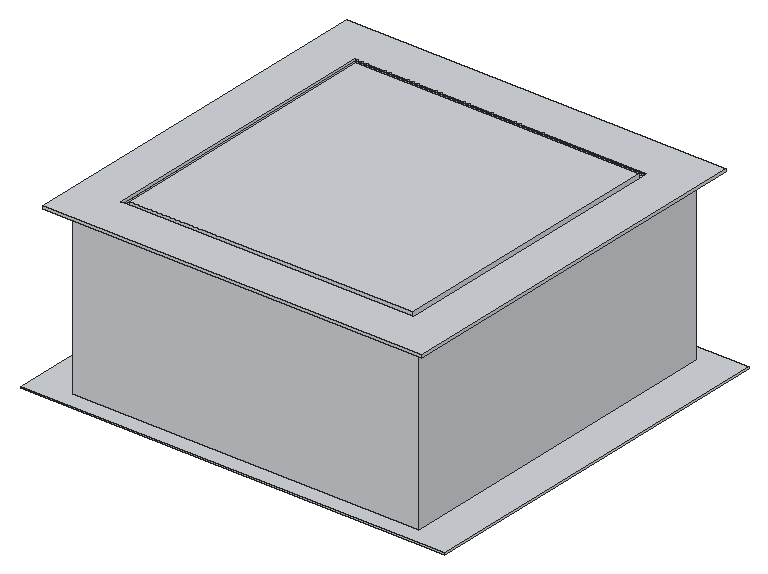
Revit family "Unterflurdose UZD250-3_165-220 mm", category Generic Models, Revit 2015
Parameters (values of type "UZD 165220 250-3")
  Width = 200 mm
  URL = "http://www.obo-bettermann.com"
  Size "a" = 262 mm
  Material = Steel, Galvanized
  Manufacturer Art. No. = "7410052"
  Manufacturer = "OBO Bettermann"
  HeightCalc = if(Height < 165 mm, 165 mm, (if(Height > 220 mm, 220 mm, Height)))  # 165 mm
  Height = 70 mm
  GTIN = "4012195431688"
  Article Type = "UZD 165220 250-3"
  "B" Dimension = 410 mm
  "A" Dimension = 367 mm
Reference planes
  plane 1 "Center (Front/Back)": y = 0
  plane 2: z = 0
  plane 3 "Center (Left/Right)": x = 0
  plane 4: z = 1
  plane 5: x = -205
  plane 6: y = -183.5
  plane 7: x = 205
  plane 8: y = 183.5
  plane 9: y = -167
  plane 10: x = 167
  plane 11: y = 167
  plane 12: x = -167
  plane 13: z = 163
  plane 14: z = 165
  plane 15: x = -183.5
  plane 16: x = 183.5
  plane 17: y = 141.5
  plane 18: x = 141.5
  plane 19: x = -141.5
  plane 20: y = -141.5
  plane 21: z = 161
  plane 22: y = 131
  plane 23: y = -131
  plane 24: x = 131
  plane 25: x = -131
  plane 26: y = -136.5
  plane 27: x = 136.5
  plane 28: y = 136.5
  plane 29: x = -136.5
Forms (mm)
  Extrusion 1, solid
    sketch origin (0, 0, 0) x (1, 0, 0) y (0, 1, 0)
      loop
        line (205, 183.5) -> (-205, 183.5) -> (-205, -183.5) -> (205, -183.5) -> (205, 183.5)
    from 0 to 1
  Extrusion 2, solid
    sketch origin (0, 0, 0) x (1, 0, 0) y (0, 1, 0)
      loop
        line (-167, 167) -> (-167, -167) -> (167, -167) -> (167, 167) -> (-167, 167)
    from 1 to 163
  Extrusion 3, solid
    sketch origin (0, 0, 0) x (1, 0, 0) y (0, 1, 0)
      loop
        line (-183.5, 183.5) -> (-183.5, -183.5) -> (183.5, -183.5) -> (183.5, 183.5) -> (-183.5, 183.5)
    from 163 to 165
  Extrusion 4, void
    sketch origin (0, 0, 0) x (1, 0, 0) y (0, 1, 0)
      loop
        line (-141.5, 141.5) -> (-141.5, -141.5) -> (141.5, -141.5) -> (141.5, 141.5) -> (-141.5, 141.5)
    from 161 to 165
  Extrusion 5, void
    sketch origin (0, 0, 0) x (1, 0, 0) y (0, 1, 0)
      loop
        line (-131, 131) -> (-131, -131) -> (131, -131) -> (131, 131) -> (-131, 131)
    from 1 to 161
  Extrusion 6, solid
    sketch origin (0, 0, 0) x (1, 0, 0) y (0, 1, 0)
      loop
        line (-136.5, 136.5) -> (-136.5, -136.5) -> (136.5, -136.5) -> (136.5, 136.5) -> (-136.5, 136.5)
    from 161 to 165
Cuts and joins
  Extrusion 4, Extrusion 5 cuts Extrusion 1
  Extrusion 4, Extrusion 5 cuts Extrusion 2
  Extrusion 4 cuts Extrusion 3
Lines and regions (mm)
  model lines
    curve 1: line (205, 183.5, 0) -> (-205, 183.5, 0)
    curve 2: line (205, 183.5, 0) -> (205, -183.5, 0)
    curve 3: line (205, -183.5, 0) -> (-205, -183.5, 0)
    curve 4: line (-205, -183.5, 0) -> (-205, 183.5, 0)
    curve 5: line (-167, 167, 0) -> (167, 167, 0)
    curve 6: line (167, 167, 0) -> (167, -167, 0)
    curve 7: line (167, -167, 0) -> (-167, -167, 0)
    curve 8: line (-167, -167, 0) -> (-167, 167, 0)
    curve 9: line (-183.5, 183.5, 0) -> (-183.5, -183.5, 0)
    curve 10: line (183.5, -183.5, 0) -> (183.5, 183.5, 0)
    curve 11: line (-141.5, 141.5, 0) -> (141.5, 141.5, 0)
    curve 12: line (141.5, 141.5, 0) -> (141.5, -141.5, 0)
    curve 13: line (141.5, -141.5, 0) -> (-141.5, -141.5, 0)
    curve 14: line (-141.5, -141.5, 0) -> (-141.5, 141.5, 0)
    curve 15: line (-131, 131, 0) -> (131, 131, 0)
    curve 16: line (131, 131, 0) -> (131, -131, 0)
    curve 17: line (131, -131, 0) -> (-131, -131, 0)
    curve 18: line (-131, -131, 0) -> (-131, 131, 0)
    curve 19: line (-136.5, 136.5, 0) -> (136.5, 136.5, 0)
    curve 20: line (136.5, 136.5, 0) -> (136.5, -136.5, 0)
    curve 21: line (136.5, -136.5, 0) -> (-136.5, -136.5, 0)
    curve 22: line (-136.5, -136.5, 0) -> (-136.5, 136.5, 0)
Dimensions and locks
  locked: level to plane 4 at 1
  equal spacing: plane 6, plane 1 "Center (Front/Back)", plane 8
  ""A" Dimension": plane 6 to plane 8
  equal spacing: plane 5, plane 3 "Center (Left/Right)", plane 7
  ""B" Dimension": plane 5 to plane 7
  equal spacing: plane 12, plane 3 "Center (Left/Right)", plane 10
  locked: plane 9 to plane 11 at 334
  equal spacing: plane 9, plane 1 "Center (Front/Back)", plane 11
  locked: plane 12 to plane 10 at 334
  locked: plane 13 to plane 14 at 2
  equal spacing: plane 15, plane 3 "Center (Left/Right)", plane 16
  locked: plane 15 to plane 16 at 367
  equal spacing: plane 19, plane 3 "Center (Left/Right)", plane 18
  locked: plane 19 to plane 18 at 283
  equal spacing: plane 17, plane 1 "Center (Front/Back)", plane 20
  locked: plane 17 to plane 20 at 283
  "HeightCalc": level to plane 14
  locked: plane 21 to plane 14 at 4
  equal spacing: plane 25, plane 3 "Center (Left/Right)", plane 24
  "Size "a"": plane 25 to plane 24
  equal spacing: plane 22, plane 1 "Center (Front/Back)", plane 23
  "Size "a"": plane 22 to plane 23
  equal spacing: plane 29, plane 3 "Center (Left/Right)", plane 27
  locked: plane 29 to plane 27 at 273
  equal spacing: plane 28, plane 1 "Center (Front/Back)", plane 26
  locked: plane 28 to plane 26 at 273
  aligned and locked: level to plane 2
  aligned and locked: plane 7 to curve 2
  aligned and locked: plane 5 to curve 4
  aligned and locked: Extrusion 1 sketch curve to curve 1
  aligned and locked: Extrusion 1 sketch curve to curve 2
  aligned and locked: Extrusion 1 sketch curve to curve 3
  aligned and locked: Extrusion 1 sketch curve to curve 4
  aligned and locked: plane 4 to Extrusion 1
  aligned and locked: plane 11 to curve 5
  aligned and locked: curve 6 to plane 10
  aligned and locked: plane 9 to curve 7
  aligned and locked: curve 8 to plane 12
  aligned and locked: Extrusion 2 sketch curve to curve 5
  aligned and locked: Extrusion 2 sketch curve to curve 6
  aligned and locked: Extrusion 2 sketch curve to curve 7
  aligned and locked: Extrusion 2 sketch curve to curve 8
  aligned and locked: plane 13 to Extrusion 2
  aligned and locked: Extrusion 2 to plane 4
  aligned and locked: curve 9 to plane 15
  aligned and locked: plane 16 to curve 10
  aligned and locked: Extrusion 3 sketch curve to curve 9
  aligned and locked: Extrusion 3 sketch curve to curve 10
  aligned and locked: plane 6 to Extrusion 3 sketch curve
  aligned and locked: Extrusion 3 sketch curve to plane 8
  aligned and locked: Extrusion 3 to plane 13
  aligned and locked: plane 14 to Extrusion 3
  aligned and locked: curve 11 to plane 17
  aligned and locked: curve 12 to plane 18
  aligned and locked: plane 20 to curve 13
  aligned and locked: plane 19 to curve 14
  aligned and locked: Extrusion 1 to level
  aligned and locked: Extrusion 4 sketch curve to curve 11
  aligned and locked: Extrusion 4 sketch curve to curve 12
  aligned and locked: Extrusion 4 sketch curve to curve 13
  aligned and locked: Extrusion 4 sketch curve to curve 14
  aligned and locked: plane 14 to Extrusion 4
  aligned and locked: Extrusion 4 to plane 21
  aligned and locked: curve 15 to plane 22
  aligned and locked: curve 16 to plane 24
  aligned and locked: plane 23 to curve 17
  aligned and locked: plane 25 to curve 18
  aligned and locked: Extrusion 5 sketch curve to curve 15
  aligned and locked: Extrusion 5 sketch curve to curve 18
  aligned and locked: Extrusion 5 sketch curve to curve 17
  aligned and locked: Extrusion 5 sketch curve to curve 16
  aligned and locked: plane 21 to Extrusion 5
  aligned and locked: Extrusion 5 to plane 4
  aligned and locked: curve 19 to plane 28
  aligned and locked: curve 20 to plane 27
  aligned and locked: curve 21 to plane 26
  aligned and locked: curve 22 to plane 29
  aligned and locked: Extrusion 6 sketch curve to curve 19
  aligned and locked: Extrusion 6 sketch curve to curve 22
  aligned and locked: Extrusion 6 sketch curve to curve 21
  aligned and locked: Extrusion 6 sketch curve to curve 20
  aligned and locked: Extrusion 6 to plane 21
  aligned and locked: plane 14 to Extrusion 6
Automatic sketch dimensions
  curve 10 to plane 6 = 0 mm
  plane 8 to curve 9 = 0 mm
